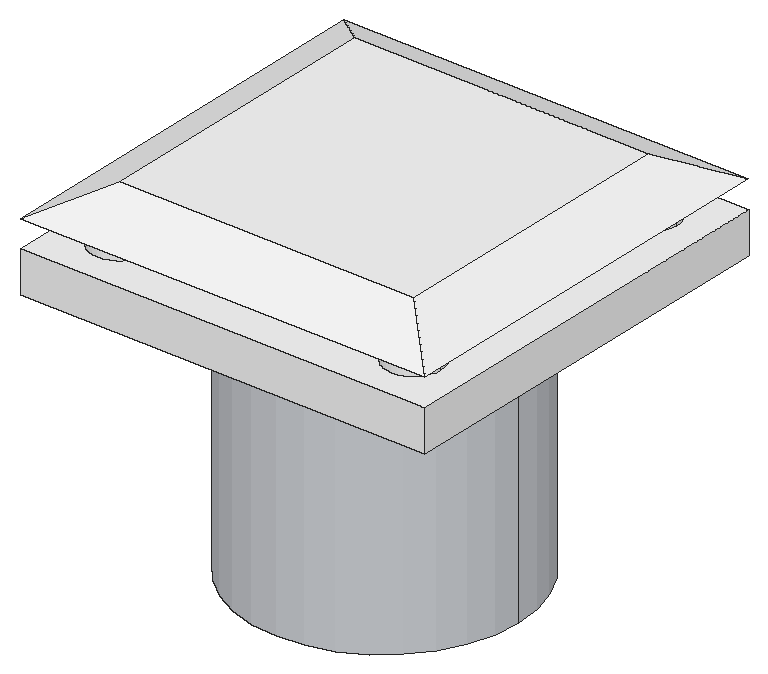
Revit family "CADS_AIRFLOWdev_Fan_QuietAir150", category Mechanical Equipment, host Face, Revit 2019
Family settings
  Host = Face
  Round Connector Dimension = Use Diameter
  Part Type = Normal
  Cut with Voids When Loaded = No
  Shared = No
  Room Calculation Point = No
Parameters (values of type "QT100B")
  WeeklyMaintenance = "N/A"
  WarrantyStartDate [instance] = "1900-12-31T23:59:85"
  WarrantyPeriodWhenRegistered = "3"
  WarrantyPeriodForMotors = "1"
  WarrantyPeriod = "2"
  WarrantyGuarantorParts = "info@airflow.com"
  WarrantyGuarantorLabor = "info@airflow.com"
  WarrantyGuarantor = "Airflow Developments Ltd"
  WarrantyEndDate [instance] = "1900-12-31T23:59:63"
  WarrantyContent = "Covered against faulty material or workmanship - not reinstallation if needed"
  Variable_Speed = no
  Uniclass2015 = "Pr_65_67_29_05"
  Type = "QT100B"
  Timer = no
  TagNumber [instance] = "N/A"
  SustainabilityPerformance = "N/A"
  SupplyPhase = 1
  Status = "New"
  StartingTime = 5.0 s
  Spigot Length [instance] = if(Flow_Straightener, C, C - E)  # 96 mm
  Size = "131 x 147 x 147"
  ShippingWeight = 0.75 kg
  Shape = "Square"
  ServiceLifeType = "ExpectedServiceLife"
  ServiceLifeDuration = "3"
  SerialNumber [instance] = "N/A"
  SAPApproval [instance] = no
  RoomExtractAirTerminalDevices = "En-suite, toilet and bathroom fan"
  ReplacementCost = "110.808"
  RedDotDesignAward = yes
  RatedVoltage = 230 V
  RatedCurrent = 3 A
  QuietMarkApproval = yes
  QuietAir = CADS_AirFlow_White
  QuarterlyMaintenance = "N/A"
  Quantity = 1
  ProductionYear = "2017"
  ProductLiterature = "https://www.airflow.com/pdf/Residential%20low%20res%20pdfs/QuietAir%20100.pdf"
  PressureCurve = "https://www.airflow.com/pdf/Residential%20low%20res%20pdfs/QuietAir%20100.pdf"
  PowerSource = "System-powered"
  PointOfContact = "Airflow Developments Ltd"
  Plot Main Unit Driver = ""
  PassiveHouseApproval [instance] = no
  OperationTemperatureRange = "up to 40°C"
  OperationAndMaintenanceManual = "https://www.airflow.com/pdf/OperatingInstructions/QuietAir/9041550_QuietAir_100B_120B_Instructions.pdf"
  NumberOfPoles = 1
  NominalWidth = 147 mm
  NominalStaticPressure = 50.0 Pa
  NominalRotationSpeed = 44.1 Hz
  NominalPowerRate = 9 W
  NominalLength = 131 mm
  NominalHeight = 147 mm
  NominalFrequencyRange = "50-60"
  NominalAirFlowRate = 25.0 L/s
  NBSCode = "90-45-30/310 Axial flow fans;"
  MotorEnclosureType = "Totally Enclosed Air Over"
  MotorDriveType = "Direct Drive"
  Motion_Sensor_Timer = no
  MonthlyMaintenance = "N/A"
  ModelReference = "9041259"
  ModelLabel = "QuietAir 100B"
  Material = "Plastic"
  ManufacturerWebsite = "www.airflow.com"
  ManufacturerTelephone = "01494 525252"
  ManufacturerE-Mail = "info@airflow.com"
  ManufacturerAddress = "Aidelle House\nLancaster Road\nCressex Business Park\nHigh Wycombe\nBucks\nHP123QP"
  Manufacturer = "Airflow Developments Ltd"
  IsGuarded = yes
  IsExtendedWarranty = no
  InsulationStandardClass = "Double Insulated"
  InstallationDate [instance] = "1900-12-31T23:59:63"
  IfcExportType = "NOTDEFINED"
  IfcExportAs = "IfcFanType"
  ISO90001 = yes
  ISO140001 = yes
  IP_Code = "IP45"
  Humidity_Timer = no
  HasProtectiveEarth = no
  HasPartWinding = yes
  GrossWeight = 0.80 kg
  Grade = "Virgin"
  GlobalTradeItemNumber = "5019009306445"
  Flow_Straightener [instance] = yes
  Flow [instance] = 0.0 L/s
  FireControlPanelLinks = no
  Finish = "Matte"
  Features = "The quietest fan complying with Building Regulations and Domestic Ventilation Compliance Guide on both speeds\n2 speed ventilation up to 25l/sec\nNoise levels from just 25dB(A)\nIdeal for longer duct runs\nLow SFP from 0.24 W/l/s\nPower consumption from just 5W\nQuiet Mark Awarded\nRed Dot Design Award Winner"
  Fan = "Domestic intermittent axial fan"
  ExternalExhaustAirTerminals = "90% free air grille"
  ExpectedServiceLife = 3
  Exclusions = "Hasn't been installed or used in accordance with the instructions\nConnected with an unsuitable electrical supply\nHas been misused, neglected or damaged\nModified or repaired by someone not authorised by Airflow Developments Ltd\nHasn't been installed according to Building Regulations or IEEE wiring regulations"
  ErPFiche = "https://www.airflow.com/AIR1/AIR1-SHOP2/images/products/ErP/fiche/9041259%20ErP%20Product%20Fiche.jpg"
  ErPEnergyRating = "E"
  E = 52 mm
  DurationUnit = "Year"
  Ductwork = "100mm flexible or rigid"
  DesignOfDomesticVentilation = "This fan should provide the minimum flow rates outlined and installed in line with Approved Document Part F of the Building Regulations."
  Description = "The quietest fan complying with Building Regulations and Domestic Ventilation Compliance Guide on both speeds"
  Default Elevation = 1219.2 mm
  DailyMaintenance = "N/A"
  D = 98 mm
  Controls = "Basic on/off functionality controlled by external switch"
  Constituents = "N/A"
  ConductorFunction = "N/A"
  Color = "White"
  CodePerformance = "N/A"
  Category = "Pr_65_67_29_05:Axial Flow Fans"
  CapacityControlType = "Two Speed"
  CEApproval = yes
  CADS_Index = 0
  C = 96 mm
  Basic = yes
  BMSLinks = no
  B = 35 mm
  AssetType = "Fixed"
  AssetIdentifier [instance] = "N/A"
  AssemblyPlace = "UKNOWN"
  ArticleNumber = "N/A"
  AnnualMaintenance = "N/A"
  AccessibilityPerformance = "N/A"
  AccessClearanceTop = 350 mm
  AccessClearanceRight = 350 mm
  AccessClearanceRear = 0 mm
  AccessClearanceLeft = 350 mm
  AccessClearanceFront = 350 mm
  AccessClearanceBottom = 350 mm
  A = 147 mm
  6MonthlyMaintenance = "Visually inspect system, clean the fan and ducting if necessary"
Types (14, lengths in mm): name | WarrantyStartDate | WarrantyEndDate | Variable_Speed | Type | Timer | Spigot Length | Size | ShippingWeight | RoomExtractAirTerminalDevices | ReplacementCost | QuietMarkApproval | ProductLiterature | PressureCurve | OperationAndMaintenanceManual | NominalWidth | NominalStaticPressure | NominalRotationSpeed | NominalPowerRate | NominalLength | NominalHeight | NominalAirFlowRate | Motion_Sensor_Timer | ModelReference | ModelLabel | InstallationDate | Humidity_Timer | GrossWeight | GlobalTradeItemNumber | Features | ErPFiche | ErPEnergyRating | E | Ductwork | Description | Default Elevation | D | Controls | CapacityControlType | C | Basic | B | A
  QT100B | "1900-12-31T23:59:85" | "1900-12-31T23:59:63" | no | "QT100B" | no | 96 | "131 x 147 x 147" | 0.75 kg | "En-suite, toilet and bathroom fan" | "110.808" | yes | "https://www.airflow.com/pdf/Residential%20low%20res%20pdfs/QuietAir%20100.pdf" | "https://www.airflow.com/pdf/Residential%20low%20res%20pdfs/QuietAir%20100.pdf" | "https://www.airflow.com/pdf/OperatingInstructions/QuietAir/9041550_QuietAir_100B_120B_Instructions.pdf" | 147 | 50.0 Pa | 44.1 Hz | 9 W | 131 | 147 | 25.0 L/s | no | "9041259" | "QuietAir 100B" | "1900-12-31T23:59:63" | no | 0.80 kg | "5019009306445" | "The quietest fan complying with Building Regulations and Domestic Ventilation Compliance Guide on both speeds\n2 speed ventilation up to 25l/sec\nNoise levels from just 25dB(A)\nIdeal for longer duct runs\nLow SFP from 0.24 W/l/s\nPower consumption from just 5W\nQuiet Mark Awarded\nRed Dot Design Award Winner" | "https://www.airflow.com/AIR1/AIR1-SHOP2/images/products/ErP/fiche/9041259%20ErP%20Product%20Fiche.jpg" | "E" | 52 | "100mm flexible or rigid" | "The quietest fan complying with Building Regulations and Domestic Ventilation Compliance Guide on both speeds" | 1219.2 | 98 | "Basic on/off functionality controlled by external switch" | "Two Speed" | 96 | yes | 35 | 147
  QT100T | "1900-12-31T23:59:86" | "1900-12-31T23:59:64" | no | "QT100T" | yes | 96 | "131 x 147 x 147" | 0.75 kg | "En-suite, toilet and bathroom fan" | "148.848" | yes | "https://www.airflow.com/pdf/Residential%20low%20res%20pdfs/QuietAir%20100.pdf" | "https://www.airflow.com/pdf/Residential%20low%20res%20pdfs/QuietAir%20100.pdf" | "https://www.airflow.com/pdf/OperatingInstructions/QuietAir/9041550_QuietAir_100B_120B_Instructions.pdf" | 147 | 50.0 Pa | 44.1 Hz | 9 W | 131 | 147 | 25.0 L/s | no | "9041260" | "QuietAir 100T" | "1900-12-31T23:59:64" | no | 0.80 kg | "5019009306452" | "The quietest fan complying with Building Regulations and Domestic Ventilation Compliance Guide on both speeds\n2 speed ventilation up to 25l/sec\nNoise levels from just 25dB(A)\nIdeal for longer duct runs\nPower consumption from just 5W\nAdjustable Timer overrun\nRoom refresh feature\nLow SFP from 0.24 W/l/s\nQuiet Mark Awarded\nRed Dot Design Award Winner" | "https://www.airflow.com/AIR1/AIR1-SHOP2/images/products/ErP/fiche/9041260%20ErP%20Product%20Fiche.jpg" | "E" | 52 | "100mm flexible or rigid" | "The quietest fan complying with Building Regulations and Domestic Ventilation Compliance Guide on both speeds" | 1219.2 | 98 | "Adjustable timer overrun, can be set to run on for 6,10, 15 or 21mins" | "Two Speed" | 96 | no | 35 | 147
  QT100HT | "1900-12-31T23:59:87" | "1900-12-31T23:59:65" | no | "QT100HT" | no | 96 | "131 x 147 x 147" | 0.75 kg | "En-suite, toilet and bathroom fan" | "229.896" | yes | "https://www.airflow.com/pdf/Residential%20low%20res%20pdfs/QuietAir%20100.pdf" | "https://www.airflow.com/pdf/Residential%20low%20res%20pdfs/QuietAir%20100.pdf" | "https://www.airflow.com/pdf/OperatingInstructions/QuietAir/9041550_QuietAir_100B_120B_Instructions.pdf" | 147 | 50.0 Pa | 44.1 Hz | 9 W | 131 | 147 | 25.0 L/s | no | "9041261" | "QuietAir 100HT" | "1900-12-31T23:59:65" | yes | 0.80 kg | "5019009306469" | "The quietest fan complying with Building Regulations and Domestic Ventilation Compliance Guide on both speeds\n2 speed ventilation up to 25l/sec\nNoise levels from just 25dB(A)\nIdeal for longer duct runs\nPower consumption from just 5W\nAdjustable humidity sensor with adjustable timer overrun\nLow SFP from 0.24 W/l/s\nQuiet Mark Awarded\nRed Dot Design Award Winner" | "https://www.airflow.com/AIR1/AIR1-SHOP2/images/products/ErP/fiche/9041261%20ErP%20Product%20Fiche.jpg" | "C" | 52 | "100mm flexible or rigid" | "The quietest fan complying with Building Regulations and Domestic Ventilation Compliance Guide on both speeds" | 1219.2 | 98 | "Adjustable humidity sensor can be set between 60-90% RH. Adjustable timer overrun, can be set to run on for 6,10, 15 or 21mins" | "Two Speed" | 96 | no | 35 | 147
  QT100MST | "1900-12-31T23:59:88" | "1900-12-31T23:59:66" | no | "QT100MST" | no | 96 | "131 x 147 x 147" | 0.75 kg | "En-suite, toilet and bathroom fan" | "257.976" | yes | "https://www.airflow.com/pdf/Residential%20low%20res%20pdfs/QuietAir%20100.pdf" | "https://www.airflow.com/pdf/Residential%20low%20res%20pdfs/QuietAir%20100.pdf" | "https://www.airflow.com/pdf/OperatingInstructions/QuietAir/9041550_QuietAir_100B_120B_Instructions.pdf" | 147 | 50.0 Pa | 44.1 Hz | 9 W | 131 | 147 | 25.0 L/s | yes | "9041262" | "QuietAir 100MST" | "1900-12-31T23:59:66" | no | 0.80 kg | "5019009306476" | "The quietest fan complying with Building Regulations and Domestic Ventilation Compliance Guide on both speeds\n2 speed ventilation up to 25l/sec\nNoise levels from just 25dB(A)\nIdeal for longer duct runs\nPower consumption from just 5W\nActivated by motion sensor\nLow SFP from 0.24 W/l/s\nQuiet Mark Awarded\nRed Dot Design Award Winner" | "https://www.airflow.com/AIR1/AIR1-SHOP2/images/products/ErP/fiche/9041262%20ErP%20Product%20Fiche.jpg" | "C" | 52 | "100mm flexible or rigid" | "The quietest fan complying with Building Regulations and Domestic Ventilation Compliance Guide on both speeds" | 1219.2 | 98 | "PIR Motion Sensor activates that fan" | "Two Speed" | 96 | no | 35 | 147
  QT120B | "1900-12-31T23:59:89" | "1900-12-31T23:59:67" | no | "QT120B" | no | 116 | "155 x 176 x 176" | 1.10 kg | "Utility room and kitchen fan (adjacent to the hob) fan" | "122.46" | yes | "https://www.airflow.com/pdf/Residential%20low%20res%20pdfs/QuietAir%20120.pdf" | "https://www.airflow.com/pdf/Residential%20low%20res%20pdfs/QuietAir%20120.pdf" | "https://www.airflow.com/pdf/OperatingInstructions/QuietAir/9041550_QuietAir_100B_120B_Instructions.pdf" | 176 | 52.0 Pa | 39.1 Hz | 13 W | 155 | 176 | 45.0 L/s | no | "9041497" | "QuietAir 120B" | "1900-12-31T23:59:67" | no | 1.05 kg | "5019009307589" | "2 speed ventilation up to 47l/sec\nIdeal for longer duct runs\nSound levels from just 32dB(A)\nVery low SFP from 0.24 W/l/s\nPower consumption from 10W\nAwarded Quiet Mark\nRed Dot Design Award Winner" | "https://www.airflow.com/AIR1/AIR1-SHOP2/images/products/ErP/fiche/9041497%20ErP%20Product%20Fiche.jpg" | "E" | 70 | "125mm flexible or rigid" | "A 2 speed silent intermittent extract fan with Quiet Mark approval" | 1219.2 | 118 | "Basic on/off functionality controlled by external switch" | "Two Speed" | 116 | yes | 39 | 176
  QT120T | "1900-12-31T23:59:90" | "1900-12-31T23:59:68" | no | "QT120T" | yes | 116 | "155 x 176 x 176" | 1.10 kg | "Utility room and kitchen fan (adjacent to the hob) fan" | "155.856" | yes | "https://www.airflow.com/pdf/Residential%20low%20res%20pdfs/QuietAir%20120.pdf" | "https://www.airflow.com/pdf/Residential%20low%20res%20pdfs/QuietAir%20120.pdf" | "https://www.airflow.com/pdf/OperatingInstructions/QuietAir/9041550_QuietAir_100B_120B_Instructions.pdf" | 176 | 52.0 Pa | 39.1 Hz | 13 W | 155 | 176 | 45.0 L/s | no | "9041498" | "QuietAir 120T" | "1900-12-31T23:59:68" | no | 1.05 kg | "5019009307596" | "2 speed ventilation up to 47l/sec\nIdeal for longer duct runs\nSound levels from just 32dB(A)\nAdjustable Timer overrun functionality\nRoom refresh feature\nVery low SFP from 0.24 W/l/s\nPower consumption from 10W\nAwarded Quiet Mark\nRed Dot Design Award Winner" | "https://www.airflow.com/AIR1/AIR1-SHOP2/images/products/ErP/fiche/9041498%20ErP%20Product%20Fiche.jpg" | "E" | 70 | "125mm flexible or rigid" | "A 2 speed silent intermittent extract fan with Quiet Mark approval" | 1219.2 | 118 | "Adjustable timer overrun, can be set to run on for 6,10, 15 or 21mins" | "Two Speed" | 116 | no | 39 | 176
  QT120HT | "1900-12-31T23:59:91" | "1900-12-31T23:59:69" | no | "QT120HT" | no | 116 | "155 x 176 x 176" | 1.10 kg | "Utility room and kitchen fan (adjacent to the hob) fan" | "252.864" | yes | "https://www.airflow.com/pdf/Residential%20low%20res%20pdfs/QuietAir%20120.pdf" | "https://www.airflow.com/pdf/Residential%20low%20res%20pdfs/QuietAir%20120.pdf" | "https://www.airflow.com/pdf/OperatingInstructions/QuietAir/9041550_QuietAir_100B_120B_Instructions.pdf" | 176 | 52.0 Pa | 39.1 Hz | 13 W | 155 | 176 | 45.0 L/s | no | "9041499" | "QuietAir 120HT" | "1900-12-31T23:59:69" | yes | 1.05 kg | "5019009307602" | "2 speed ventilation up to 47l/sec\nIdeal for longer duct runs\nSound levels from just 32dB(A)\nAdjustable humidity sensor with adjustable timer overrun\nVery low SFP from 0.24 W/l/s\nPower consumption from 10W\nAwarded Quiet Mark\nRed Dot Design Award Winner" | "https://www.airflow.com/AIR1/AIR1-SHOP2/images/products/ErP/fiche/9041499%20ErP%20Product%20Fiche.jpg" | "C" | 70 | "125mm flexible or rigid" | "A 2 speed silent intermittent extract fan with Quiet Mark approval" | 1219.2 | 118 | "Adjustable humidity sensor can be set between 60-90% RH. Adjustable timer overrun, can be set to run on for 6,10, 15 or 21mins" | "Two Speed" | 116 | no | 39 | 176
  QT120MST | "1900-12-31T23:59:92" | "1900-12-31T23:59:70" | no | "QT120MST" | no | 116 | "155 x 176 x 176" | 1.10 kg | "Utility room and kitchen fan (adjacent to the hob) fan" | "302.16" | yes | "https://www.airflow.com/pdf/Residential%20low%20res%20pdfs/QuietAir%20120.pdf" | "https://www.airflow.com/pdf/Residential%20low%20res%20pdfs/QuietAir%20120.pdf" | "https://www.airflow.com/pdf/OperatingInstructions/QuietAir/9041550_QuietAir_100B_120B_Instructions.pdf" | 176 | 52.0 Pa | 39.1 Hz | 13 W | 155 | 176 | 45.0 L/s | yes | "9041500" | "QuietAir 120MST" | "1900-12-31T23:59:70" | no | 1.05 kg | "5019009307619" | "2 speed ventilation up to 47l/sec\nIdeal for longer duct runs\nSound levels from just 32dB(A)\nMotion sensor activates fan\nVery low SFP from 0.24 W/l/s\nPower consumption from 10W\nAwarded Quiet Mark\nRed Dot Design Award Winner" | "https://www.airflow.com/AIR1/AIR1-SHOP2/images/products/ErP/fiche/9041500%20ErP%20Product%20Fiche.jpg" | "C" | 70 | "125mm flexible or rigid" | "A 2 speed silent intermittent extract fan with Quiet Mark approval" | 1219.2 | 118 | "PIR Motion Sensor activates that fan" | "Two Speed" | 116 | no | 39 | 176
  QT150B | "1900-12-31T23:59:93" | "1900-12-31T23:59:71" | no | "QT150B" | no | 142 | "190 x 210 x 210" | 1.45 kg | "Kitchen fan (without cooker hood)" | "187.488" | no | "https://www.airflow.com/pdf/Residential%20low%20res%20pdfs/QuietAir%20150.pdf" | "https://www.airflow.com/pdf/Residential%20low%20res%20pdfs/QuietAir%20150.pdf" | "https://www.airflow.com/pdf/OperatingInstructions/QuietAir/QuietAir%20QT150B%20Instruction%20Manual.pdf" | 210 | 33.0 Pa | 31.6 Hz | 10 W | 190 | 210 | 72.0 L/s | no | "90000454" | "QuietAir 150B" | "1900-12-31T23:59:71" | no | 1.20 kg | "5019009317656" | "2 speed ventilation up to 72l/sec\nNoise levels from 35dB(A)\nLow SFP of just 0.09W/l/s\nPower consumption from only 6W\nIdeal for longer duct runs\nRed Dot Design Award Winner" | "https://www.airflow.com/AIR1/AIR1-SHOP2/images/products/ErP/fiche/90000454%20ErP%20Product%20Fiche.jpg" | "E" | 76 | "145mm flexible or rigid" | "A 2 speed \"silent\" intermittent extract fan" | 1219.2 | 145 | "Basic on/off functionality controlled by external switch" | "Two Speed" | 142 | yes | 48 | 210
  QT150T | "1900-12-31T23:59:94" | "1900-12-31T23:59:72" | no | "QT150T" | yes | 142 | "190 x 210 x 210" | 1.45 kg | "Kitchen fan (without cooker hood)" | "234.576" | no | "https://www.airflow.com/pdf/Residential%20low%20res%20pdfs/QuietAir%20150.pdf" | "https://www.airflow.com/pdf/Residential%20low%20res%20pdfs/QuietAir%20150.pdf" | "https://www.airflow.com/pdf/OperatingInstructions/QuietAir/QuietAir%20QT150B%20Instruction%20Manual.pdf" | 210 | 33.0 Pa | 31.6 Hz | 10 W | 190 | 210 | 72.0 L/s | no | "90000455" | "QuietAir 150T" | "1900-12-31T23:59:72" | no | 1.20 kg | "5019009317663" | "2 speed ventilation up to 72l/sec\nNoise levels from 35dB(A)\nLow SFP of just 0.09W/l/s\nPower consumption from only 6W\nIdeal for longer duct runs\nAdjustable timer overrun\nRoom refresh feature\nRed Dot Design Award Winner" | "https://www.airflow.com/AIR1/AIR1-SHOP2/images/products/ErP/fiche/90000455%20ErP%20Product%20Fiche.jpg" | "E" | 76 | "145mm flexible or rigid" | "A 2 speed \"silent\" intermittent extract fan" | 1219.2 | 145 | "Adjustable timer overrun, can be set to run on for 6,10, 15 or 21mins" | "Two Speed" | 142 | no | 48 | 210
  QT150HT | "1900-12-31T23:59:95" | "1900-12-31T23:59:73" | no | "QT150HT" | no | 142 | "190 x 210 x 210" | 1.45 kg | "Kitchen fan (without cooker hood)" | "308.448" | no | "https://www.airflow.com/pdf/Residential%20low%20res%20pdfs/QuietAir%20150.pdf" | "https://www.airflow.com/pdf/Residential%20low%20res%20pdfs/QuietAir%20150.pdf" | "https://www.airflow.com/pdf/OperatingInstructions/QuietAir/QuietAir%20QT150B%20Instruction%20Manual.pdf" | 210 | 33.0 Pa | 31.6 Hz | 10 W | 190 | 210 | 72.0 L/s | no | "90000456" | "QuietAir 150HT" | "1900-12-31T23:59:73" | yes | 1.20 kg | "5019009317670" | "2 speed ventilation up to 72l/sec\nNoise levels from 35dB(A)\nLow SFP of just 0.09W/l/s\nPower consumption from only 6W\nIdeal for longer duct runs\nAdjustable humidity sensor with adjustable timer overrun\nRed Dot Design Award Winner" | "https://www.airflow.com/AIR1/AIR1-SHOP2/images/products/ErP/fiche/90000456%20ErP%20Product%20Fiche.jpg" | "C" | 76 | "145mm flexible or rigid" | "A 2 speed \"silent\" intermittent extract fan" | 1219.2 | 145 | "Adjustable humidity sensor can be set between 60-90% RH. Adjustable timer overrun, can be set to run on for 6,10, 15 or 21mins" | "Two Speed" | 142 | no | 48 | 210
  QT150VS | "1900-12-31T23:59:96" | "1900-12-31T23:59:74" | yes | "QT150VS" | no | 142 | "190 x 210 x 210" | 1.45 kg | "Kitchen fan (without cooker hood)" | "286.416" | no | "https://www.airflow.com/pdf/Residential%20low%20res%20pdfs/QuietAir%20150.pdf" | "https://www.airflow.com/pdf/Residential%20low%20res%20pdfs/QuietAir%20150.pdf" | "https://www.airflow.com/pdf/OperatingInstructions/QuietAir/QuietAir%20QT150B%20Instruction%20Manual.pdf" | 210 | 33.0 Pa | 31.6 Hz | 10 W | 190 | 210 | 72.0 L/s | no | "90000458" | "QuietAir 150VS" | "1900-12-31T23:59:74" | no | 1.20 kg | "5019009317687" | "Variable speed ventilation up to 72l/sec\nNoise levels from 35dB(A)\nLow SFP of just 0.09W/l/s\nPower consumption from only 6W\nIdeal for longer duct runs\nVariable speed drive controlled by remote switch\nRed Dot Design Award Winner" | "https://www.airflow.com/AIR1/AIR1-SHOP2/images/products/ErP/fiche/90000457%20ErP%20Product%20Fiche.jpg" | "C" | 76 | "145mm flexible or rigid" | "Variable speed \"silent\" intermittent extract fan" | 1219.2 | 145 | "Variable speed drive that is controlled by a remote switch" | "Variable Speed Drive" | 142 | no | 48 | 210
  QT150HT corrected | "1900-12-31T23:59:95" | "1900-12-31T23:59:73" | no | "QT150HT" | no | 142 | "190 x 210 x 210" | 1.45 kg | "Kitchen fan (without cooker hood)" | "308.448" | no | "https://www.airflow.com/pdf/Residential%20low%20res%20pdfs/QuietAir%20150.pdf" | "https://www.airflow.com/pdf/Residential%20low%20res%20pdfs/QuietAir%20150.pdf" | "https://www.airflow.com/pdf/OperatingInstructions/QuietAir/QuietAir%20QT150B%20Instruction%20Manual.pdf" | 210 | 33.0 Pa | 31.6 Hz | 10 W | 190 | 210 | 72.0 L/s | no | "90000456" | "QuietAir 150HT" | "1900-12-31T23:59:73" | yes | 1.20 kg | "5019009317670" | "2 speed ventilation up to 72l/sec\nNoise levels from 35dB(A)\nLow SFP of just 0.09W/l/s\nPower consumption from only 6W\nIdeal for longer duct runs\nAdjustable humidity sensor with adjustable timer overrun\nRed Dot Design Award Winner" | "https://www.airflow.com/AIR1/AIR1-SHOP2/images/products/ErP/fiche/90000456%20ErP%20Product%20Fiche.jpg" | "C" | 76 | "145mm flexible or rigid" | "A 2 speed \"silent\" intermittent extract fan" | 1219.2 | 145 | "Adjustable humidity sensor can be set between 60-90% RH. Adjustable timer overrun, can be set to run on for 6,10, 15 or 21mins" | "Two Speed" | 142 | no | 48 | 210
  UNO 45 Temp | "1900-12-31T23:59:95" | "1900-12-31T23:59:73" | no | "QT150HT" | no | 250 | "190 x 210 x 210" | 1.45 kg | "Kitchen fan (without cooker hood)" | "308.448" | no | "https://www.airflow.com/pdf/Residential%20low%20res%20pdfs/QuietAir%20150.pdf" | "https://www.airflow.com/pdf/Residential%20low%20res%20pdfs/QuietAir%20150.pdf" | "https://www.airflow.com/pdf/OperatingInstructions/QuietAir/QuietAir%20QT150B%20Instruction%20Manual.pdf" | 210 | 33.0 Pa | 31.6 Hz | 10 W | 190 | 210 | 72.0 L/s | no | "90000456" | "QuietAir 150HT" | "1900-12-31T23:59:73" | yes | 1.20 kg | "5019009317670" | "2 speed ventilation up to 72l/sec\nNoise levels from 35dB(A)\nLow SFP of just 0.09W/l/s\nPower consumption from only 6W\nIdeal for longer duct runs\nAdjustable humidity sensor with adjustable timer overrun\nRed Dot Design Award Winner" | "https://www.airflow.com/AIR1/AIR1-SHOP2/images/products/ErP/fiche/90000456%20ErP%20Product%20Fiche.jpg" | "C" | 300 | "145mm flexible or rigid" | "A 2 speed \"silent\" intermittent extract fan" | 2100 | 180 | "Adjustable humidity sensor can be set between 60-90% RH. Adjustable timer overrun, can be set to run on for 6,10, 15 or 21mins" | "Two Speed" | 250 | no | 48 | 230
Reference planes
  plane 1 "Center (Front/Back)": y = 0
  plane 2: z = 0
  plane 3 "Center (Left/Right)": x = 0
  plane 4: x = -73.5
  plane 5: x = 73.5
  plane 6: y = 73.5
  plane 7: y = -73.5
  plane 8: z = -96
  plane 9 "Back of Fan": z = 0
  plane 10 "Top": z = 35
  plane 11: z = 15
  plane 12 "Bottom": z = 25
  plane 13: x = -53.5
  plane 14: x = 53.5
  plane 15: y = 53.5
  plane 16: y = -53.5
  plane 17: z = -44
Forms (mm)
  Extrusion 1, solid, material "CADS_AirFlow_White" <- "QuietAir", detail levels medium+fine
    sketch origin (0, 0, 0) x (1, 0, 0) y (0, 1, 0)
      loop
        line (-73.5, 73.5) -> (-73.5, -73.5) -> (73.5, -73.5) -> (73.5, 73.5) -> (-73.5, 73.5)
    from 0 to 15
  Extrusion 2, solid
    sketch origin (0, 0, 0) x (1, 0, 0) y (0, 1, 0)
      loop
        circle (0, 0) r 49
    from -96 to 0
  Extrusion 3, solid, material "CADS_AirFlow_White" <- "QuietAir", detail levels medium+fine
    sketch origin (0, 0, 0) x (1, 0, 0) y (0, 1, 0)
      loop
        circle (-53.5, 53.5) r 10
      loop
        circle (53.5, 53.5) r 10
      loop
        circle (-53.5, -53.5) r 10
      loop
        circle (53.5, -53.5) r 10
    from 15 to 25
  Blend 4, solid, material "CADS_AirFlow_White" <- "QuietAir", detail levels medium+fine
    base sketch origin (0, 0, 25) x (-1, 0, 0) y (0, -1, 0)
      loop
        line (73.5, -73.5) -> (73.5, 73.5) -> (-73.5, 73.5) -> (-73.5, -73.5) -> (73.5, -73.5)
    top sketch origin (0, 0, 35) x (-1, 0, 0) y (0, -1, 0)
      loop
        line (53.5, -53.5) -> (53.5, 53.5) -> (-53.5, 53.5) -> (-53.5, -53.5) -> (53.5, -53.5)
    from 0 to 0
  Extrusion 5, solid, material "CADS_AirFlow_White" <- "QuietAir", detail levels coarse
    sketch origin (0, 0, 35) x (-1, 0, 0) y (0, -1, 0)
      loop
        line (73.5, -73.5) -> (73.5, 73.5) -> (-73.5, 73.5) -> (-73.5, -73.5) -> (73.5, -73.5)
    from -35 to 0
Dimensions and locks
  equal spacing: plane 6, plane 1 "Center (Front/Back)", plane 7
  equal spacing: plane 4, plane 3 "Center (Left/Right)", plane 5
  "A": plane 6 to plane 7
  "A": plane 4 to plane 5
  "B": plane 10 "Top" to plane 9 "Back of Fan"
  locked: plane 11 to plane 9 "Back of Fan" at 15
  locked: plane 12 "Bottom" to plane 11 at 10
  locked: plane 4 to plane 13 at 20
  locked: plane 14 to plane 5 at 20
  locked: plane 6 to plane 15 at 20
  locked: plane 16 to plane 7 at 20
  "Spigot Length": level to plane 8
  "D": diameter of Extrusion 2 sketch curve
  aligned and locked: plane 2 to host face
  aligned and locked: level to host face
  aligned and locked: plane 4 to Extrusion 1 sketch curve
  aligned and locked: plane 7 to Extrusion 1 sketch curve
  aligned and locked: Extrusion 1 to plane 9 "Back of Fan"
  aligned and locked: plane 11 to Extrusion 1
  aligned and locked: Extrusion 2 to plane 8
  aligned and locked: plane 9 "Back of Fan" to Extrusion 2
  aligned and locked: Extrusion 3 to Extrusion 1
  aligned and locked: plane 12 "Bottom" to Extrusion 3
  aligned and locked: plane 4 to Blend 4 sketch curve
  aligned and locked: plane 7 to Blend 4 sketch curve
  aligned and locked: Blend 4 sketch curve to plane 15
  aligned and locked: Blend 4 sketch curve to plane 14
  aligned and locked: plane 10 "Top" to Blend 4
  aligned and locked: plane 4 to Extrusion 5 sketch curve
  aligned and locked: Extrusion 5 sketch curve to plane 5
  aligned and locked: Extrusion 5 to plane 9 "Back of Fan"
  aligned and locked: plane 10 "Top" to Extrusion 5
  aligned and locked: level to plane 9 "Back of Fan"
Automatic sketch dimensions
  host sketch curve to host sketch curve = 2438.4 mm  (x2)
  Extrusion 1 sketch curve to plane 5 = 0 mm
  Extrusion 1 sketch curve to plane 6 = 0 mm
  Extrusion 3 sketch curve to plane 13 = 0 mm  (x2)
  Extrusion 3 sketch curve to plane 14 = 0 mm  (x2)
  Extrusion 3 sketch curve to plane 16 = 0 mm  (x2)
  Extrusion 3 sketch curve to plane 15 = 0 mm  (x2)
  Blend 4 sketch curve to plane 5 = 0 mm
  Blend 4 sketch curve to plane 6 = 0 mm
  Blend 4 sketch curve to plane 13 = 0 mm
  Blend 4 sketch curve to plane 16 = 0 mm
  Extrusion 5 sketch curve to plane 6 = 0 mm
  Extrusion 5 sketch curve to plane 7 = 0 mm
  plane 1 "Center (Front/Back)" to Extrusion 2 sketch curve = 0 mm
  Extrusion 2 sketch curve to plane 3 "Center (Left/Right)" = 0 mm
  radius of Extrusion 3 sketch curve = 10 mm  (x4)
Connectors
  hvac at (0, 0, 0), driven by "Flow"
    settings: on Extrusion 1, index 2, duct flow 0.0 L/s, flow factor 0, pres drop 0.0 Pa, loss coef 0, conn angle 0.00°, conn width 304.8 mm, conn height 304.8 mm, conn diameter 150 mm, duct sys type 3, conn prof type 0, flow config 1, flow direction 2, loss method 0, conn ref index -1, conn util no, is conn primary yes, conn desc ""
  electrical at (0, 0, -96), driven by "NumberOfPoles", driven by "RatedVoltage", driven by "NominalPowerRate"
    settings: on Extrusion 2, index 3, voltage 230 V, apparent load 9 VA, apparent load phase1 0 VA, apparent load phase2 0 VA, apparent load phase3 0 VA, power factor 1, load classification "Other", number of poles 1, system type 30, power factor state 1, is connector primary yes, connector utility no, sub classification motor no, connector description ""
